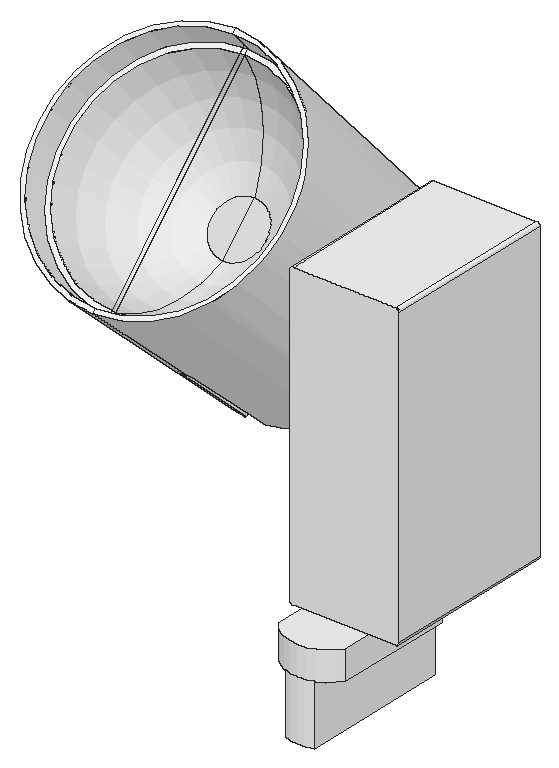
Revit family "0004930 Feilo Sylvania Lighting Fixture START TRACK SPOT L DALI 4405LM 930 WB WHT", category Lighting Fixtures, host Face, Revit 2017 (continued)
Definition of nested family "Start Track Spot Head"
  Types (96, lengths in mm): name | Wattage | built-in parameter 1150134 | Photometric Web File | Model | built-in parameter 1150105 | Lumens | built-in parameter 1150107 | built-in parameter 1150106 | HeadThickness_FEILO | HeadRibOffset_FEILO | HeadRibDepth_FEILO | HeadRibCutWidth_FEILO | HeadRibCutOffset_FEILO | HeadReflectorRadius_FEILO | HeadReflectorOffset_FEILO | HeadLEDRadius_FEILO | HeadHeight_FEILO | HeadDiffusorOffset_FEILO | HeadDiaOut_FEILO | HeadDiaIn_FEILO | HeadAxisFromTop_FEILO | Emit from Circle Diameter | built-in parameter 1150104 | Description | Apparent Load
    0004864 START TRACK SPOT S 24W 3K RA90 WB WHITE | 24 W | (empty or 0) | "0004864.ies" | "START TRACK SPOT S 24W 3K RA90 WB WHITE" | 152.79 (stored number, unit not read) | 1920 lm | 3000 (stored number, unit not read) | 1.5279 (stored number, unit not read) | 1.5 | 4.179 | 55.714 | 7.167 | 50.87 | 50.588 | 55.714 | 9.556 | 117 | 9.435 | 86 | 77.477 | 69.354 | 77.477 | 7.4322 (stored number, unit not read) | "Integrated LED spotlight, Textured White - RAL9016, compact and minimalist design, ideal for retail applications, die-cast aluminium body, passive cooling heatsink. Beam angle: 64°, color temperature: 3000K , total system power: 24W, total fixture output: 1928 lm, LOR: 100%, colour rendering: Ra: 90 typical, LED Chromaticity: 3 step MacAdam ellipse, lifetime: >50000 hours at L70B50, energy class: A++, A+, A, IR/UV free light source without heat radiation, operating voltage: 220-240V / 50-60Hz, drive current: 600mA, electronic driver, non-dimmable, power factor: 0.95, electrical protection: Class II, Global Track 3 Phase adapter suitable for Global trac 3-circuit tracks, ingress protection rating: IP20, suitable for internal environment only, horizontal rotation: 355°, vertical tilt: 90°, dimensions: Ø86x140x200, weight: 0.966kg." | 24 VA
    0004863 START TRACK SPOT S 24W 3K RA90 MB WHITE | 24 W | (empty or 0) | "0004863.ies" | "START TRACK SPOT S 24W 3K RA90 MB WHITE" | 154.7 (stored number, unit not read) | 1944 lm | 3000 (stored number, unit not read) | 1.547 (stored number, unit not read) | 1.5 | 4.179 | 55.714 | 7.167 | 50.87 | 50.588 | 55.714 | 9.556 | 117 | 9.435 | 86 | 77.477 | 69.354 | 77.477 | 7.5251 (stored number, unit not read) | "Integrated LED spotlight, Textured White - RAL9016, compact and minimalist design, ideal for retail applications, die-cast aluminium body, passive cooling heatsink. Beam angle: 36°, color temperature: 3000K , total system power: 24W, total fixture output: 1944 lm, LOR: 100%, colour rendering: Ra: 90 typical, LED Chromaticity: 3 step MacAdam ellipse, lifetime: >50000 hours at L70B50, energy class: A++, A+, A, IR/UV free light source without heat radiation, operating voltage: 220-240V / 50-60Hz, drive current: 600mA, electronic driver, non-dimmable, power factor: 0.95, electrical protection: Class II, Global Track 3 Phase adapter suitable for Global trac 3-circuit tracks, ingress protection rating: IP20, suitable for internal environment only, horizontal rotation: 355°, vertical tilt: 90°, dimensions: Ø86x140x200, weight: 0.966kg." | 24 VA
    0004862 START TRACK SPOT S 24W 3K RA90 NB WHITE | 24 W | (empty or 0) | "0004862.ies" | "START TRACK SPOT S 24W 3K RA90 NB WHITE" | 158.52 (stored number, unit not read) | 1992 lm | 3000 (stored number, unit not read) | 1.5852 (stored number, unit not read) | 1.5 | 4.179 | 55.714 | 7.167 | 50.87 | 50.588 | 55.714 | 9.556 | 117 | 9.435 | 86 | 77.477 | 69.354 | 77.477 | 7.711 (stored number, unit not read) | "Integrated LED spotlight, Textured White - RAL9016, compact and minimalist design, ideal for retail applications, die-cast aluminium body, passive cooling heatsink. Beam angle: 12°, color temperature: 3000K , total system power: 24W, total fixture output: 1987 lm, LOR: 100%, colour rendering: Ra: 90 typical, LED Chromaticity: 3 step MacAdam ellipse, lifetime: >50000 hours at L70B50, energy class: A++, A+, A, IR/UV free light source without heat radiation, operating voltage: 220-240V / 50-60Hz, drive current: 600mA, electronic driver, non-dimmable, power factor: 0.95, electrical protection: Class II, Global Track 3 Phase adapter suitable for Global trac 3-circuit tracks, ingress protection rating: IP20, suitable for internal environment only, horizontal rotation: 355°, vertical tilt: 90°, dimensions: Ø86x140x200, weight: 0.966kg." | 24 VA
    0004861 START TRACK SPOT S 14W 3K RA90 WB WHITE | 14 W | (empty or 0) | "0004861.ies" | "START TRACK SPOT S 14W 3K RA90 WB WHITE" | 100.27 (stored number, unit not read) | 1260 lm | 3000 (stored number, unit not read) | 1.0027 (stored number, unit not read) | 1.5 | 4.179 | 55.714 | 7.167 | 50.87 | 50.588 | 55.714 | 9.556 | 117 | 9.435 | 86 | 77.477 | 69.354 | 77.477 | 8.3613 (stored number, unit not read) | "Integrated LED spotlight, Textured White - RAL9016, compact and minimalist design, ideal for retail applications, die-cast aluminium body, passive cooling heatsink. Beam angle: 64°, color temperature: 3000K , total system power: 14W, total fixture output: 1262 lm, LOR: 100%, colour rendering: Ra: 90 typical, LED Chromaticity: 3 step MacAdam ellipse, lifetime: >50000 hours at L70B50, energy class: A++, A+, A, IR/UV free light source without heat radiation, operating voltage: 220-240V / 50-60Hz, drive current: 350mA, electronic driver, non-dimmable, power factor: 0.92, electrical protection: Class II, Global Track 3 Phase adapter suitable for Global trac 3-circuit tracks, ingress protection rating: IP20, suitable for internal environment only, horizontal rotation: 355°, vertical tilt: 90°, dimensions: Ø86x140x200, weight: 0.940kg." | 14 VA
    0004860 START TRACK SPOT S 14W 3K RA90 MB WHITE | 14 W | (empty or 0) | "0004860.ies" | "START TRACK SPOT S 14W 3K RA90 MB WHITE" | 100.27 (stored number, unit not read) | 1260 lm | 3000 (stored number, unit not read) | 1.0027 (stored number, unit not read) | 1.5 | 4.179 | 55.714 | 7.167 | 50.87 | 50.588 | 55.714 | 9.556 | 117 | 9.435 | 86 | 77.477 | 69.354 | 77.477 | 8.3613 (stored number, unit not read) | "Integrated LED spotlight, Textured White - RAL9016, compact and minimalist design, ideal for retail applications, die-cast aluminium body, passive cooling heatsink. Beam angle: 36°, color temperature: 3000K , total system power: 14W, total fixture output: 1262 lm, LOR: 100%, colour rendering: Ra: 90 typical, LED Chromaticity: 3 step MacAdam ellipse, lifetime: >50000 hours at L70B50, energy class: A++, A+, A, IR/UV free light source without heat radiation, operating voltage: 220-240V / 50-60Hz, drive current: 350mA, electronic driver, non-dimmable, power factor: 0.92, electrical protection: Class II, Global Track 3 Phase adapter suitable for Global trac 3-circuit tracks, ingress protection rating: IP20, suitable for internal environment only, horizontal rotation: 355°, vertical tilt: 90°, dimensions: Ø86x140x200, weight: 0.940kg." | 14 VA
    0004859 START TRACK SPOT S 14W 3K RA90 NB WHITE | 14 W | (empty or 0) | "0004859.ies" | "START TRACK SPOT S 14W 3K RA90 NB WHITE" | 102.5 (stored number, unit not read) | 1288 lm | 3000 (stored number, unit not read) | 1.025 (stored number, unit not read) | 1.5 | 4.179 | 55.714 | 7.167 | 50.87 | 50.588 | 55.714 | 9.556 | 117 | 9.435 | 86 | 77.477 | 69.354 | 77.477 | 8.5471 (stored number, unit not read) | "Integrated LED spotlight, Textured White - RAL9016, compact and minimalist design, ideal for retail applications, die-cast aluminium body, passive cooling heatsink. Beam angle: 12°, color temperature: 3000K , total system power: 14W, total fixture output: 1284 lm, LOR: 100%, colour rendering: Ra: 90 typical, LED Chromaticity: 3 step MacAdam ellipse, lifetime: >50000 hours at L70B50, energy class: A++, A+, A, IR/UV free light source without heat radiation, operating voltage: 220-240V / 50-60Hz, drive current: 350mA, electronic driver, non-dimmable, power factor: 0.92, electrical protection: Class II, Global Track 3 Phase adapter suitable for Global trac 3-circuit tracks, ingress protection rating: IP20, suitable for internal environment only, horizontal rotation: 355°, vertical tilt: 90°, dimensions: Ø86x140x200, weight: 0.940kg." | 14 VA
    0004858 START TRACK SPOT L 55W 4K RA80 WB BLACK | 55 W | 12 | "0004858.ies" | "START TRACK SPOT L 55W 4K RA80 WB BLACK" | 424.55 (stored number, unit not read) | 5335 lm | 4000 (stored number, unit not read) | 4.2455 (stored number, unit not read) | 2 | 4.429 | 59.048 | 9.417 | 53.913 | 66.471 | 59.048 | 12.556 | 124 | 10 | 113 | 101.802 | 73.503 | 101.802 | 9.0116 (stored number, unit not read) | "Integrated LED spotlight, Textured Black - RAL9005, compact and minimalist design, ideal for retail applications, die-cast aluminium body, passive cooling heatsink. Beam angle: 52°, color temperature: 4000K , total system power: 55W, total fixture output: 5320 lm, LOR: 100%, colour rendering: Ra: 80 typical, LED Chromaticity: 3 step MacAdam ellipse, lifetime: >50000 hours at L70B50, energy class: A++, A+, A, IR/UV free light source without heat radiation, operating voltage: 220-240V / 50-60Hz, drive current: 1400mA, electronic driver, non-dimmable, power factor: 0.96, electrical protection: Class II, Global Track 3 Phase adapter suitable for Global trac 3-circuit tracks, ingress protection rating: IP20, suitable for internal environment only, horizontal rotation: 355°, vertical tilt: 90°, dimensions: Ø113x164x240, weight: 1.398kg." | 55 VA
    0004857 START TRACK SPOT L 55W 4K RA80 MB BLACK | 55 W | 12 | "0004857.ies" | "START TRACK SPOT L 55W 4K RA80 MB BLACK" | 428.92 (stored number, unit not read) | 5390 lm | 4000 (stored number, unit not read) | 4.2892 (stored number, unit not read) | 2 | 4.429 | 59.048 | 9.417 | 53.913 | 66.471 | 59.048 | 12.556 | 124 | 10 | 113 | 101.802 | 73.503 | 101.802 | 9.1045 (stored number, unit not read) | "Integrated LED spotlight, Textured Black - RAL9005, compact and minimalist design, ideal for retail applications, die-cast aluminium body, passive cooling heatsink. Beam angle: 38°, color temperature: 4000K , total system power: 55W, total fixture output: 5378 lm, LOR: 100%, colour rendering: Ra: 80 typical, LED Chromaticity: 3 step MacAdam ellipse, lifetime: >50000 hours at L70B50, energy class: A++, A+, A, IR/UV free light source without heat radiation, operating voltage: 220-240V / 50-60Hz, drive current: 1400mA, electronic driver, non-dimmable, power factor: 0.96, electrical protection: Class II, Global Track 3 Phase adapter suitable for Global trac 3-circuit tracks, ingress protection rating: IP20, suitable for internal environment only, horizontal rotation: 355°, vertical tilt: 90°, dimensions: Ø113x164x240, weight: 1.398kg." | 55 VA
    0004856 START TRACK SPOT L 55W 4K RA80 NB BLACK | 55 W | 12 | "0004856.ies" | "START TRACK SPOT L 55W 4K RA80 NB BLACK" | 433.3 (stored number, unit not read) | 5445 lm | 4000 (stored number, unit not read) | 4.333 (stored number, unit not read) | 2 | 4.429 | 59.048 | 9.417 | 53.913 | 66.471 | 59.048 | 12.556 | 124 | 10 | 113 | 101.802 | 73.503 | 101.802 | 9.1974 (stored number, unit not read) | "Integrated LED spotlight, Textured Black - RAL9005, compact and minimalist design, ideal for retail applications, die-cast aluminium body, passive cooling heatsink. Beam angle: 15°, color temperature: 4000K , total system power: 55W, total fixture output: 5426 lm, LOR: 100%, colour rendering: Ra: 80 typical, LED Chromaticity: 3 step MacAdam ellipse, lifetime: >50000 hours at L70B50, energy class: A++, A+, A, IR/UV free light source without heat radiation, operating voltage: 220-240V / 50-60Hz, drive current: 1400mA, electronic driver, non-dimmable, power factor: 0.96, electrical protection: Class II, Global Track 3 Phase adapter suitable for Global trac 3-circuit tracks, ingress protection rating: IP20, suitable for internal environment only, horizontal rotation: 355°, vertical tilt: 90°, dimensions: Ø113x164x240, weight: 1.398kg." | 55 VA
    0004855 START TRACK SPOT L 35W 4K RA80 WB BLACK | 35 W | 12 | "0004855.ies" | "START TRACK SPOT L 35W 4K RA80 WB BLACK" | 320.3 (stored number, unit not read) | 4025 lm | 4000 (stored number, unit not read) | 3.203 (stored number, unit not read) | 2 | 4.429 | 59.048 | 9.417 | 53.913 | 66.471 | 59.048 | 12.556 | 124 | 10 | 113 | 101.802 | 73.503 | 101.802 | 10.684 (stored number, unit not read) | "Integrated LED spotlight, Textured Black - RAL9005, compact and minimalist design, ideal for retail applications, die-cast aluminium body, passive cooling heatsink. Beam angle: 52°, color temperature: 4000K , total system power: 35W, total fixture output: 4010 lm, LOR: 100%, colour rendering: Ra: 80 typical, LED Chromaticity: 3 step MacAdam ellipse, lifetime: >50000 hours at L70B50, energy class: A++, A+, A, IR/UV free light source without heat radiation, operating voltage: 220-240V / 50-60Hz, drive current: 900mA, electronic driver, non-dimmable, power factor: 0.93, electrical protection: Class II, Global Track 3 Phase adapter suitable for Global trac 3-circuit tracks, ingress protection rating: IP20, suitable for internal environment only, horizontal rotation: 355°, vertical tilt: 90°, dimensions: Ø113x164x240, weight: 1.368kg." | 35 VA
    0004854 START TRACK SPOT L 35W 4K RA80 MB BLACK | 35 W | 12 | "0004854.ies" | "START TRACK SPOT L 35W 4K RA80 MB BLACK" | 320.3 (stored number, unit not read) | 4025 lm | 4000 (stored number, unit not read) | 3.203 (stored number, unit not read) | 2 | 4.429 | 59.048 | 9.417 | 53.913 | 66.471 | 59.048 | 12.556 | 124 | 10 | 113 | 101.802 | 73.503 | 101.802 | 10.684 (stored number, unit not read) | "Integrated LED spotlight, Textured Black - RAL9005, compact and minimalist design, ideal for retail applications, die-cast aluminium body, passive cooling heatsink. Beam angle: 38°, color temperature: 4000K , total system power: 35W, total fixture output: 4017 lm, LOR: 100%, colour rendering: Ra: 80 typical, LED Chromaticity: 3 step MacAdam ellipse, lifetime: >50000 hours at L70B50, energy class: A++, A+, A, IR/UV free light source without heat radiation, operating voltage: 220-240V / 50-60Hz, drive current: 900mA, electronic driver, non-dimmable, power factor: 0.93, electrical protection: Class II, Global Track 3 Phase adapter suitable for Global trac 3-circuit tracks, ingress protection rating: IP20, suitable for internal environment only, horizontal rotation: 355°, vertical tilt: 90°, dimensions: Ø113x164x240, weight: 1.368kg." | 35 VA
    0004853 START TRACK SPOT L 35W 4K RA80 NB BLACK | 35 W | 12 | "0004853.ies" | "START TRACK SPOT L 35W 4K RA80 NB BLACK" | 331.44 (stored number, unit not read) | 4165 lm | 4000 (stored number, unit not read) | 3.3144 (stored number, unit not read) | 2 | 4.429 | 59.048 | 9.417 | 53.913 | 66.471 | 59.048 | 12.556 | 124 | 10 | 113 | 101.802 | 73.503 | 101.802 | 11.055 (stored number, unit not read) | "Integrated LED spotlight, Textured Black - RAL9005, compact and minimalist design, ideal for retail applications, die-cast aluminium body, passive cooling heatsink. Beam angle: 15°, color temperature: 4000K , total system power: 35W, total fixture output: 4174 lm, LOR: 100%, colour rendering: Ra: 80 typical, LED Chromaticity: 3 step MacAdam ellipse, lifetime: >50000 hours at L70B50, energy class: A++, A+, A, IR/UV free light source without heat radiation, operating voltage: 220-240V / 50-60Hz, drive current: 900mA, electronic driver, non-dimmable, power factor: 0.93, electrical protection: Class II, Global Track 3 Phase adapter suitable for Global trac 3-circuit tracks, ingress protection rating: IP20, suitable for internal environment only, horizontal rotation: 355°, vertical tilt: 90°, dimensions: Ø113x164x240, weight: 1.368kg." | 35 VA
    0004852 START TRACK SPOT S 24W 4K RA80 WB BLACK | 24 W | 12 | "0004852.ies" | "START TRACK SPOT S 24W 4K RA80 WB BLACK" | 196.72 (stored number, unit not read) | 2472 lm | 4000 (stored number, unit not read) | 1.9672 (stored number, unit not read) | 1.5 | 4.179 | 55.714 | 7.167 | 50.87 | 50.588 | 55.714 | 9.556 | 117 | 9.435 | 86 | 77.477 | 69.354 | 77.477 | 9.569 (stored number, unit not read) | "Integrated LED spotlight, Textured Black - RAL9005, compact and minimalist design, ideal for retail applications, die-cast aluminium body, passive cooling heatsink. Beam angle: 64°, color temperature: 4000K , total system power: 24W, total fixture output: 2476 lm, LOR: 100%, colour rendering: Ra: 80 typical, LED Chromaticity: 3 step MacAdam ellipse, lifetime: >50000 hours at L70B50, energy class: A++, A+, A, IR/UV free light source without heat radiation, operating voltage: 220-240V / 50-60Hz, drive current: 600mA, electronic driver, non-dimmable, power factor: 0.95, electrical protection: Class II, Global Track 3 Phase adapter suitable for Global trac 3-circuit tracks, ingress protection rating: IP20, suitable for internal environment only, horizontal rotation: 355°, vertical tilt: 90°, dimensions: Ø86x140x200, weight: 0.966kg." | 24 VA
    0004851 START TRACK SPOT S 24W 4K RA80 MB BLACK | 24 W | 12 | "0004851.ies" | "START TRACK SPOT S 24W 4K RA80 MB BLACK" | 198.63 (stored number, unit not read) | 2496 lm | 4000 (stored number, unit not read) | 1.9863 (stored number, unit not read) | 1.5 | 4.179 | 55.714 | 7.167 | 50.87 | 50.588 | 55.714 | 9.556 | 117 | 9.435 | 86 | 77.477 | 69.354 | 77.477 | 9.6619 (stored number, unit not read) | "Integrated LED spotlight, Textured Black - RAL9005, compact and minimalist design, ideal for retail applications, die-cast aluminium body, passive cooling heatsink. Beam angle: 36°, color temperature: 4000K , total system power: 24W, total fixture output: 2487 lm, LOR: 100%, colour rendering: Ra: 80 typical, LED Chromaticity: 3 step MacAdam ellipse, lifetime: >50000 hours at L70B50, energy class: A++, A+, A, IR/UV free light source without heat radiation, operating voltage: 220-240V / 50-60Hz, drive current: 600mA, electronic driver, non-dimmable, power factor: 0.95, electrical protection: Class II, Global Track 3 Phase adapter suitable for Global trac 3-circuit tracks, ingress protection rating: IP20, suitable for internal environment only, horizontal rotation: 355°, vertical tilt: 90°, dimensions: Ø86x140x200, weight: 0.966kg." | 24 VA
    0004850 START TRACK SPOT S 24W 4K RA80 NB BLACK | 24 W | 12 | "0004850.ies" | "START TRACK SPOT S 24W 4K RA80 NB BLACK" | 200.54 (stored number, unit not read) | 2520 lm | 4000 (stored number, unit not read) | 2.0054 (stored number, unit not read) | 1.5 | 4.179 | 55.714 | 7.167 | 50.87 | 50.588 | 55.714 | 9.556 | 117 | 9.435 | 86 | 77.477 | 69.354 | 77.477 | 9.7548 (stored number, unit not read) | "Integrated LED spotlight, Textured Black - RAL9005, compact and minimalist design, ideal for retail applications, die-cast aluminium body, passive cooling heatsink. Beam angle: 12°, color temperature: 4000K , total system power: 24W, total fixture output: 2529 lm, LOR: 100%, colour rendering: Ra: 80 typical, LED Chromaticity: 3 step MacAdam ellipse, lifetime: >50000 hours at L70B50, energy class: A++, A+, A, IR/UV free light source without heat radiation, operating voltage: 220-240V / 50-60Hz, drive current: 600mA, electronic driver, non-dimmable, power factor: 0.95, electrical protection: Class II, Global Track 3 Phase adapter suitable for Global trac 3-circuit tracks, ingress protection rating: IP20, suitable for internal environment only, horizontal rotation: 355°, vertical tilt: 90°, dimensions: Ø86x140x200, weight: 0.966kg." | 24 VA
    0004849 START TRACK SPOT S 14W 4K RA80 WB BLACK | 14 W | 12 | "0004849.ies" | "START TRACK SPOT S 14W 4K RA80 WB BLACK" | 123.66 (stored number, unit not read) | 1554 lm | 4000 (stored number, unit not read) | 1.2366 (stored number, unit not read) | 1.5 | 4.179 | 55.714 | 7.167 | 50.87 | 50.588 | 55.714 | 9.556 | 117 | 9.435 | 86 | 77.477 | 69.354 | 77.477 | 10.312 (stored number, unit not read) | "Integrated LED spotlight, Textured Black - RAL9005, compact and minimalist design, ideal for retail applications, die-cast aluminium body, passive cooling heatsink. Beam angle: 64°, color temperature: 4000K , total system power: 14W, total fixture output: 1558 lm, LOR: 100%, colour rendering: Ra: 80 typical, LED Chromaticity: 3 step MacAdam ellipse, lifetime: >50000 hours at L70B50, energy class: A++, A+, A, IR/UV free light source without heat radiation, operating voltage: 220-240V / 50-60Hz, drive current: 350mA, electronic driver, non-dimmable, power factor: 0.92, electrical protection: Class II, Global Track 3 Phase adapter suitable for Global trac 3-circuit tracks, ingress protection rating: IP20, suitable for internal environment only, horizontal rotation: 355°, vertical tilt: 90°, dimensions: Ø86x140x200, weight: 0.940kg." | 14 VA
    0004848 START TRACK SPOT S 14W 4K RA80 MB BLACK | 14 W | 12 | "0004848.ies" | "START TRACK SPOT S 14W 4K RA80 MB BLACK" | 127.01 (stored number, unit not read) | 1596 lm | 4000 (stored number, unit not read) | 1.2701 (stored number, unit not read) | 1.5 | 4.179 | 55.714 | 7.167 | 50.87 | 50.588 | 55.714 | 9.556 | 117 | 9.435 | 86 | 77.477 | 69.354 | 77.477 | 10.591 (stored number, unit not read) | "Integrated LED spotlight, Textured Black - RAL9005, compact and minimalist design, ideal for retail applications, die-cast aluminium body, passive cooling heatsink. Beam angle: 36°, color temperature: 4000K , total system power: 14W, total fixture output: 1598 lm, LOR: 100%, colour rendering: Ra: 80 typical, LED Chromaticity: 3 step MacAdam ellipse, lifetime: >50000 hours at L70B50, energy class: A++, A+, A, IR/UV free light source without heat radiation, operating voltage: 220-240V / 50-60Hz, drive current: 350mA, electronic driver, non-dimmable, power factor: 0.92, electrical protection: Class II, Global Track 3 Phase adapter suitable for Global trac 3-circuit tracks, ingress protection rating: IP20, suitable for internal environment only, horizontal rotation: 355°, vertical tilt: 90°, dimensions: Ø86x140x200, weight: 0.940kg." | 14 VA
    0004847 START TRACK SPOT S 14W 4K RA80 NB BLACK | 14 W | 12 | "0004847.ies" | "START TRACK SPOT S 14W 4K RA80 NB BLACK" | 128.12 (stored number, unit not read) | 1610 lm | 4000 (stored number, unit not read) | 1.2812 (stored number, unit not read) | 1.5 | 4.179 | 55.714 | 7.167 | 50.87 | 50.588 | 55.714 | 9.556 | 117 | 9.435 | 86 | 77.477 | 69.354 | 77.477 | 10.684 (stored number, unit not read) | "Integrated LED spotlight, Textured Black - RAL9005, compact and minimalist design, ideal for retail applications, die-cast aluminium body, passive cooling heatsink. Beam angle: 12°, color temperature: 4000K , total system power: 14W, total fixture output: 1608 lm, LOR: 100%, colour rendering: Ra: 80 typical, LED Chromaticity: 3 step MacAdam ellipse, lifetime: >50000 hours at L70B50, energy class: A++, A+, A, IR/UV free light source without heat radiation, operating voltage: 220-240V / 50-60Hz, drive current: 350mA, electronic driver, non-dimmable, power factor: 0.92, electrical protection: Class II, Global Track 3 Phase adapter suitable for Global trac 3-circuit tracks, ingress protection rating: IP20, suitable for internal environment only, horizontal rotation: 355°, vertical tilt: 90°, dimensions: Ø86x140x200, weight: 0.940kg." | 14 VA
    0004846 START TRACK SPOT L 55W 3K RA80 WB BLACK | 55 W | (empty or 0) | "0004846.ies" | "START TRACK SPOT L 55W 3K RA80 WB BLACK" | 420.17 (stored number, unit not read) | 5280 lm | 3000 (stored number, unit not read) | 4.2017 (stored number, unit not read) | 2 | 4.429 | 59.048 | 9.417 | 53.913 | 66.471 | 59.048 | 12.556 | 124 | 10 | 113 | 101.802 | 73.503 | 101.802 | 8.9187 (stored number, unit not read) | "Integrated LED spotlight, Textured Black - RAL9005, compact and minimalist design, ideal for retail applications, die-cast aluminium body, passive cooling heatsink. Beam angle: 52°, color temperature: 3000K , total system power: 55W, total fixture output: 5298 lm, LOR: 100%, colour rendering: Ra: 80 typical, LED Chromaticity: 3 step MacAdam ellipse, lifetime: >50000 hours at L70B50, energy class: A++, A+, A, IR/UV free light source without heat radiation, operating voltage: 220-240V / 50-60Hz, drive current: 1400mA, electronic driver, non-dimmable, power factor: 0.96, electrical protection: Class II, Global Track 3 Phase adapter suitable for Global trac 3-circuit tracks, ingress protection rating: IP20, suitable for internal environment only, horizontal rotation: 355°, vertical tilt: 90°, dimensions: Ø113x164x240, weight: 1.398kg." | 55 VA
    0004845 START TRACK SPOT L 55W 3K RA80 MB BLACK | 55 W | (empty or 0) | "0004845.ies" | "START TRACK SPOT L 55W 3K RA80 MB BLACK" | 428.92 (stored number, unit not read) | 5390 lm | 3000 (stored number, unit not read) | 4.2892 (stored number, unit not read) | 2 | 4.429 | 59.048 | 9.417 | 53.913 | 66.471 | 59.048 | 12.556 | 124 | 10 | 113 | 101.802 | 73.503 | 101.802 | 9.1045 (stored number, unit not read) | "Integrated LED spotlight, Textured Black - RAL9005, compact and minimalist design, ideal for retail applications, die-cast aluminium body, passive cooling heatsink. Beam angle: 38°, color temperature: 3000K , total system power: 55W, total fixture output: 5381 lm, LOR: 100%, colour rendering: Ra: 80 typical, LED Chromaticity: 3 step MacAdam ellipse, lifetime: >50000 hours at L70B50, energy class: A++, A+, A, IR/UV free light source without heat radiation, operating voltage: 220-240V / 50-60Hz, drive current: 1400mA, electronic driver, non-dimmable, power factor: 0.96, electrical protection: Class II, Global Track 3 Phase adapter suitable for Global trac 3-circuit tracks, ingress protection rating: IP20, suitable for internal environment only, horizontal rotation: 355°, vertical tilt: 90°, dimensions: Ø113x164x240, weight: 1.398kg." | 55 VA
    0004844 START TRACK SPOT L 55W 3K RA80 NB BLACK | 55 W | (empty or 0) | "0004844.ies" | "START TRACK SPOT L 55W 3K RA80 NB BLACK" | 433.3 (stored number, unit not read) | 5445 lm | 3000 (stored number, unit not read) | 4.333 (stored number, unit not read) | 2 | 4.429 | 59.048 | 9.417 | 53.913 | 66.471 | 59.048 | 12.556 | 124 | 10 | 113 | 101.802 | 73.503 | 101.802 | 9.1974 (stored number, unit not read) | "Integrated LED spotlight, Textured Black - RAL9005, compact and minimalist design, ideal for retail applications, die-cast aluminium body, passive cooling heatsink. Beam angle: 15°, color temperature: 3000K , total system power: 55W, total fixture output: 5449 lm, LOR: 100%, colour rendering: Ra: 80 typical, LED Chromaticity: 3 step MacAdam ellipse, lifetime: >50000 hours at L70B50, energy class: A++, A+, A, IR/UV free light source without heat radiation, operating voltage: 220-240V / 50-60Hz, drive current: 1400mA, electronic driver, non-dimmable, power factor: 0.96, electrical protection: Class II, Global Track 3 Phase adapter suitable for Global trac 3-circuit tracks, ingress protection rating: IP20, suitable for internal environment only, horizontal rotation: 355°, vertical tilt: 90°, dimensions: Ø113x164x240, weight: 1.398kg." | 55 VA
    0004843 START TRACK SPOT L 35W 3K RA80 WB BLACK | 35 W | (empty or 0) | "0004843.ies" | "START TRACK SPOT L 35W 3K RA80 WB BLACK" | 314.73 (stored number, unit not read) | 3955 lm | 3000 (stored number, unit not read) | 3.1473 (stored number, unit not read) | 2 | 4.429 | 59.048 | 9.417 | 53.913 | 66.471 | 59.048 | 12.556 | 124 | 10 | 113 | 101.802 | 73.503 | 101.802 | 10.498 (stored number, unit not read) | "Integrated LED spotlight, Textured Black - RAL9005, compact and minimalist design, ideal for retail applications, die-cast aluminium body, passive cooling heatsink. Beam angle: 52°, color temperature: 3000K , total system power: 35W, total fixture output: 3943 lm, LOR: 100%, colour rendering: Ra: 80 typical, LED Chromaticity: 3 step MacAdam ellipse, lifetime: >50000 hours at L70B50, energy class: A++, A+, A, IR/UV free light source without heat radiation, operating voltage: 220-240V / 50-60Hz, drive current: 900mA, electronic driver, non-dimmable, power factor: 0.93, electrical protection: Class II, Global Track 3 Phase adapter suitable for Global trac 3-circuit tracks, ingress protection rating: IP20, suitable for internal environment only, horizontal rotation: 355°, vertical tilt: 90°, dimensions: Ø113x164x240, weight: 1.368kg." | 35 VA
    0004842 START TRACK SPOT L 35W 3K RA80 MB BLACK | 35 W | (empty or 0) | "0004842.ies" | "START TRACK SPOT L 35W 3K RA80 MB BLACK" | 320.3 (stored number, unit not read) | 4025 lm | 3000 (stored number, unit not read) | 3.203 (stored number, unit not read) | 2 | 4.429 | 59.048 | 9.417 | 53.913 | 66.471 | 59.048 | 12.556 | 124 | 10 | 113 | 101.802 | 73.503 | 101.802 | 10.684 (stored number, unit not read) | "Integrated LED spotlight, Textured Black - RAL9005, compact and minimalist design, ideal for retail applications, die-cast aluminium body, passive cooling heatsink. Beam angle: 38°, color temperature: 3000K , total system power: 35W, total fixture output: 4008 lm, LOR: 100%, colour rendering: Ra: 80 typical, LED Chromaticity: 3 step MacAdam ellipse, lifetime: >50000 hours at L70B50, energy class: A++, A+, A, IR/UV free light source without heat radiation, operating voltage: 220-240V / 50-60Hz, drive current: 900mA, electronic driver, non-dimmable, power factor: 0.93, electrical protection: Class II, Global Track 3 Phase adapter suitable for Global trac 3-circuit tracks, ingress protection rating: IP20, suitable for internal environment only, horizontal rotation: 355°, vertical tilt: 90°, dimensions: Ø113x164x240, weight: 1.368kg." | 35 VA
    0004841 START TRACK SPOT L 35W 3K RA80 NB BLACK | 35 W | (empty or 0) | "0004841.ies" | "START TRACK SPOT L 35W 3K RA80 NB BLACK" | 317.51 (stored number, unit not read) | 3990 lm | 3000 (stored number, unit not read) | 3.1751 (stored number, unit not read) | 2 | 4.429 | 59.048 | 9.417 | 53.913 | 66.471 | 59.048 | 12.556 | 124 | 10 | 113 | 101.802 | 73.503 | 101.802 | 10.591 (stored number, unit not read) | "Integrated LED spotlight, Textured Black - RAL9005, compact and minimalist design, ideal for retail applications, die-cast aluminium body, passive cooling heatsink. Beam angle: 15°, color temperature: 3000K , total system power: 35W, total fixture output: 4005 lm, LOR: 100%, colour rendering: Ra: 80 typical, LED Chromaticity: 3 step MacAdam ellipse, lifetime: >50000 hours at L70B50, energy class: A++, A+, A, IR/UV free light source without heat radiation, operating voltage: 220-240V / 50-60Hz, drive current: 900mA, electronic driver, non-dimmable, power factor: 0.93, electrical protection: Class II, Global Track 3 Phase adapter suitable for Global trac 3-circuit tracks, ingress protection rating: IP20, suitable for internal environment only, horizontal rotation: 355°, vertical tilt: 90°, dimensions: Ø113x164x240, weight: 1.368kg." | 35 VA
    0004840 START TRACK SPOT S 24W 3K RA80 WB BLACK | 24 W | (empty or 0) | "0004840.ies" | "START TRACK SPOT S 24W 3K RA80 WB BLACK" | 185.26 (stored number, unit not read) | 2328 lm | 3000 (stored number, unit not read) | 1.8526 (stored number, unit not read) | 1.5 | 4.179 | 55.714 | 7.167 | 50.87 | 50.588 | 55.714 | 9.556 | 117 | 9.435 | 86 | 77.477 | 69.354 | 77.477 | 9.0116 (stored number, unit not read) | "Integrated LED spotlight, Textured Black - RAL9005, compact and minimalist design, ideal for retail applications, die-cast aluminium body, passive cooling heatsink. Beam angle: 64°, color temperature: 3000K , total system power: 24W, total fixture output: 2318 lm, LOR: 100%, colour rendering: Ra: 80 typical, LED Chromaticity: 3 step MacAdam ellipse, lifetime: >50000 hours at L70B50, energy class: A++, A+, A, IR/UV free light source without heat radiation, operating voltage: 220-240V / 50-60Hz, drive current: 600mA, electronic driver, non-dimmable, power factor: 0.95, electrical protection: Class II, Global Track 3 Phase adapter suitable for Global trac 3-circuit tracks, ingress protection rating: IP20, suitable for internal environment only, horizontal rotation: 355°, vertical tilt: 90°, dimensions: Ø86x140x200, weight: 0.966kg." | 24 VA
    0004839 START TRACK SPOT S 24W 3K RA80 MB BLACK | 24 W | (empty or 0) | "0004839.ies" | "START TRACK SPOT S 24W 3K RA80 MB BLACK" | 183.35 (stored number, unit not read) | 2304 lm | 3000 (stored number, unit not read) | 1.8335 (stored number, unit not read) | 1.5 | 4.179 | 55.714 | 7.167 | 50.87 | 50.588 | 55.714 | 9.556 | 117 | 9.435 | 86 | 77.477 | 69.354 | 77.477 | 8.9187 (stored number, unit not read) | "Integrated LED spotlight, Textured Black - RAL9005, compact and minimalist design, ideal for retail applications, die-cast aluminium body, passive cooling heatsink. Beam angle: 36°, color temperature: 3000K , total system power: 24W, total fixture output: 2314 lm, LOR: 100%, colour rendering: Ra: 80 typical, LED Chromaticity: 3 step MacAdam ellipse, lifetime: >50000 hours at L70B50, energy class: A++, A+, A, IR/UV free light source without heat radiation, operating voltage: 220-240V / 50-60Hz, drive current: 600mA, electronic driver, non-dimmable, power factor: 0.95, electrical protection: Class II, Global Track 3 Phase adapter suitable for Global trac 3-circuit tracks, ingress protection rating: IP20, suitable for internal environment only, horizontal rotation: 355°, vertical tilt: 90°, dimensions: Ø86x140x200, weight: 0.966kg." | 24 VA
    0004838 START TRACK SPOT S 24W 3K RA80 NB BLACK | 24 W | (empty or 0) | "0004838.ies" | "START TRACK SPOT S 24W 3K RA80 NB BLACK" | 185.26 (stored number, unit not read) | 2328 lm | 3000 (stored number, unit not read) | 1.8526 (stored number, unit not read) | 1.5 | 4.179 | 55.714 | 7.167 | 50.87 | 50.588 | 55.714 | 9.556 | 117 | 9.435 | 86 | 77.477 | 69.354 | 77.477 | 9.0116 (stored number, unit not read) | "Integrated LED spotlight, Textured Black - RAL9005, compact and minimalist design, ideal for retail applications, die-cast aluminium body, passive cooling heatsink. Beam angle: 12°, color temperature: 3000K , total system power: 24W, total fixture output: 2334 lm, LOR: 100%, colour rendering: Ra: 80 typical, LED Chromaticity: 3 step MacAdam ellipse, lifetime: >50000 hours at L70B50, energy class: A++, A+, A, IR/UV free light source without heat radiation, operating voltage: 220-240V / 50-60Hz, drive current: 600mA, electronic driver, non-dimmable, power factor: 0.95, electrical protection: Class II, Global Track 3 Phase adapter suitable for Global trac 3-circuit tracks, ingress protection rating: IP20, suitable for internal environment only, horizontal rotation: 355°, vertical tilt: 90°, dimensions: Ø86x140x200, weight: 0.966kg." | 24 VA
    0004837 START TRACK SPOT S 14W 3K RA80 WB BLACK | 14 W | (empty or 0) | "0004837.ies" | "START TRACK SPOT S 14W 3K RA80 WB BLACK" | 119.21 (stored number, unit not read) | 1498 lm | 3000 (stored number, unit not read) | 1.1921 (stored number, unit not read) | 1.5 | 4.179 | 55.714 | 7.167 | 50.87 | 50.588 | 55.714 | 9.556 | 117 | 9.435 | 86 | 77.477 | 69.354 | 77.477 | 9.9406 (stored number, unit not read) | "Integrated LED spotlight, Textured Black - RAL9005, compact and minimalist design, ideal for retail applications, die-cast aluminium body, passive cooling heatsink. Beam angle: 64°, color temperature: 3000K , total system power: 14W, total fixture output: 1498 lm, LOR: 100%, colour rendering: Ra: 80 typical, LED Chromaticity: 3 step MacAdam ellipse, lifetime: >50000 hours at L70B50, energy class: A++, A+, A, IR/UV free light source without heat radiation, operating voltage: 220-240V / 50-60Hz, drive current: 350mA, electronic driver, non-dimmable, power factor: 0.92, electrical protection: Class II, Global Track 3 Phase adapter suitable for Global trac 3-circuit tracks, ingress protection rating: IP20, suitable for internal environment only, horizontal rotation: 355°, vertical tilt: 90°, dimensions: Ø86x140x200, weight: 0.940kg." | 14 VA
    0004836 START TRACK SPOT S 14W 3K RA80 MB BLACK | 14 W | (empty or 0) | "0004836.ies" | "START TRACK SPOT S 14W 3K RA80 MB BLACK" | 120.32 (stored number, unit not read) | 1512 lm | 3000 (stored number, unit not read) | 1.2032 (stored number, unit not read) | 1.5 | 4.179 | 55.714 | 7.167 | 50.87 | 50.588 | 55.714 | 9.556 | 117 | 9.435 | 86 | 77.477 | 69.354 | 77.477 | 10.034 (stored number, unit not read) | "Integrated LED spotlight, Textured Black - RAL9005, compact and minimalist design, ideal for retail applications, die-cast aluminium body, passive cooling heatsink. Beam angle: 36°, color temperature: 3000K , total system power: 14W, total fixture output: 1508 lm, LOR: 100%, colour rendering: Ra: 80 typical, LED Chromaticity: 3 step MacAdam ellipse, lifetime: >50000 hours at L70B50, energy class: A++, A+, A, IR/UV free light source without heat radiation, operating voltage: 220-240V / 50-60Hz, drive current: 350mA, electronic driver, non-dimmable, power factor: 0.92, electrical protection: Class II, Global Track 3 Phase adapter suitable for Global trac 3-circuit tracks, ingress protection rating: IP20, suitable for internal environment only, horizontal rotation: 355°, vertical tilt: 90°, dimensions: Ø86x140x200, weight: 0.940kg." | 14 VA
    0004835 START TRACK SPOT S 14W 3K RA80 NB BLACK | 14 W | (empty or 0) | "0004835.ies" | "START TRACK SPOT S 14W 3K RA80 NB BLACK" | 123.66 (stored number, unit not read) | 1554 lm | 3000 (stored number, unit not read) | 1.2366 (stored number, unit not read) | 1.5 | 4.179 | 55.714 | 7.167 | 50.87 | 50.588 | 55.714 | 9.556 | 117 | 9.435 | 86 | 77.477 | 69.354 | 77.477 | 10.312 (stored number, unit not read) | "Integrated LED spotlight, Textured Black - RAL9005, compact and minimalist design, ideal for retail applications, die-cast aluminium body, passive cooling heatsink. Beam angle: 12°, color temperature: 3000K , total system power: 14W, total fixture output: 1551 lm, LOR: 100%, colour rendering: Ra: 80 typical, LED Chromaticity: 3 step MacAdam ellipse, lifetime: >50000 hours at L70B50, energy class: A++, A+, A, IR/UV free light source without heat radiation, operating voltage: 220-240V / 50-60Hz, drive current: 350mA, electronic driver, non-dimmable, power factor: 0.92, electrical protection: Class II, Global Track 3 Phase adapter suitable for Global trac 3-circuit tracks, ingress protection rating: IP20, suitable for internal environment only, horizontal rotation: 355°, vertical tilt: 90°, dimensions: Ø86x140x200, weight: 0.940kg." | 14 VA
    0004834 START TRACK SPOT L 55W 4K RA80 WB WHITE | 55 W | 12 | "0004834.ies" | "START TRACK SPOT L 55W 4K RA80 WB WHITE" | 424.55 (stored number, unit not read) | 5335 lm | 4000 (stored number, unit not read) | 4.2455 (stored number, unit not read) | 2 | 4.429 | 59.048 | 9.417 | 53.913 | 66.471 | 59.048 | 12.556 | 124 | 10 | 113 | 101.802 | 73.503 | 101.802 | 9.0116 (stored number, unit not read) | "Integrated LED spotlight, Textured White - RAL9016, compact and minimalist design, ideal for retail applications, die-cast aluminium body, passive cooling heatsink. Beam angle: 52°, color temperature: 4000K , total system power: 55W, total fixture output: 5320 lm, LOR: 100%, colour rendering: Ra: 80 typical, LED Chromaticity: 3 step MacAdam ellipse, lifetime: >50000 hours at L70B50, energy class: A++, A+, A, IR/UV free light source without heat radiation, operating voltage: 220-240V / 50-60Hz, drive current: 1400mA, electronic driver, non-dimmable, power factor: 0.96, electrical protection: Class II, Global Track 3 Phase adapter suitable for Global trac 3-circuit tracks, ingress protection rating: IP20, suitable for internal environment only, horizontal rotation: 355°, vertical tilt: 90°, dimensions: Ø113x164x240, weight: 1.398kg." | 55 VA
    0004833 START TRACK SPOT L 55W 4K RA80 MB WHITE | 55 W | 12 | "0004833.ies" | "START TRACK SPOT L 55W 4K RA80 MB WHITE" | 428.92 (stored number, unit not read) | 5390 lm | 4000 (stored number, unit not read) | 4.2892 (stored number, unit not read) | 2 | 4.429 | 59.048 | 9.417 | 53.913 | 66.471 | 59.048 | 12.556 | 124 | 10 | 113 | 101.802 | 73.503 | 101.802 | 9.1045 (stored number, unit not read) | "Integrated LED spotlight, Textured White - RAL9016, compact and minimalist design, ideal for retail applications, die-cast aluminium body, passive cooling heatsink. Beam angle: 38°, color temperature: 4000K , total system power: 55W, total fixture output: 5378 lm, LOR: 100%, colour rendering: Ra: 80 typical, LED Chromaticity: 3 step MacAdam ellipse, lifetime: >50000 hours at L70B50, energy class: A++, A+, A, IR/UV free light source without heat radiation, operating voltage: 220-240V / 50-60Hz, drive current: 1400mA, electronic driver, non-dimmable, power factor: 0.96, electrical protection: Class II, Global Track 3 Phase adapter suitable for Global trac 3-circuit tracks, ingress protection rating: IP20, suitable for internal environment only, horizontal rotation: 355°, vertical tilt: 90°, dimensions: Ø113x164x240, weight: 1.398kg." | 55 VA
    0004832 START TRACK SPOT L 55W 4K RA80 NB WHITE | 55 W | 12 | "0004832.ies" | "START TRACK SPOT L 55W 4K RA80 NB WHITE" | 433.3 (stored number, unit not read) | 5445 lm | 4000 (stored number, unit not read) | 4.333 (stored number, unit not read) | 2 | 4.429 | 59.048 | 9.417 | 53.913 | 66.471 | 59.048 | 12.556 | 124 | 10 | 113 | 101.802 | 73.503 | 101.802 | 9.1974 (stored number, unit not read) | "Integrated LED spotlight, Textured White - RAL9016, compact and minimalist design, ideal for retail applications, die-cast aluminium body, passive cooling heatsink. Beam angle: 15°, color temperature: 4000K , total system power: 55W, total fixture output: 5426 lm, LOR: 100%, colour rendering: Ra: 80 typical, LED Chromaticity: 3 step MacAdam ellipse, lifetime: >50000 hours at L70B50, energy class: A++, A+, A, IR/UV free light source without heat radiation, operating voltage: 220-240V / 50-60Hz, drive current: 1400mA, electronic driver, non-dimmable, power factor: 0.96, electrical protection: Class II, Global Track 3 Phase adapter suitable for Global trac 3-circuit tracks, ingress protection rating: IP20, suitable for internal environment only, horizontal rotation: 355°, vertical tilt: 90°, dimensions: Ø113x164x240, weight: 1.398kg." | 55 VA
    0004831 START TRACK SPOT L 35W 4K RA80 WB WHITE | 35 W | 12 | "0004831.ies" | "START TRACK SPOT L 35W 4K RA80 WB WHITE" | 320.3 (stored number, unit not read) | 4025 lm | 4000 (stored number, unit not read) | 3.203 (stored number, unit not read) | 2 | 4.429 | 59.048 | 9.417 | 53.913 | 66.471 | 59.048 | 12.556 | 124 | 10 | 113 | 101.802 | 73.503 | 101.802 | 10.684 (stored number, unit not read) | "Integrated LED spotlight, Textured White - RAL9016, compact and minimalist design, ideal for retail applications, die-cast aluminium body, passive cooling heatsink. Beam angle: 52°, color temperature: 4000K , total system power: 35W, total fixture output: 4010 lm, LOR: 100%, colour rendering: Ra: 80 typical, LED Chromaticity: 3 step MacAdam ellipse, lifetime: >50000 hours at L70B50, energy class: A++, A+, A, IR/UV free light source without heat radiation, operating voltage: 220-240V / 50-60Hz, drive current: 900mA, electronic driver, non-dimmable, power factor: 0.93, electrical protection: Class II, Global Track 3 Phase adapter suitable for Global trac 3-circuit tracks, ingress protection rating: IP20, suitable for internal environment only, horizontal rotation: 355°, vertical tilt: 90°, dimensions: Ø113x164x240, weight: 1.368kg." | 35 VA
    0004830 START TRACK SPOT L 35W 4K RA80 MB WHITE | 35 W | 12 | "0004830.ies" | "START TRACK SPOT L 35W 4K RA80 MB WHITE" | 320.3 (stored number, unit not read) | 4025 lm | 4000 (stored number, unit not read) | 3.203 (stored number, unit not read) | 2 | 4.429 | 59.048 | 9.417 | 53.913 | 66.471 | 59.048 | 12.556 | 124 | 10 | 113 | 101.802 | 73.503 | 101.802 | 10.684 (stored number, unit not read) | "Integrated LED spotlight, Textured White - RAL9016, compact and minimalist design, ideal for retail applications, die-cast aluminium body, passive cooling heatsink. Beam angle: 38°, color temperature: 4000K , total system power: 35W, total fixture output: 4017 lm, LOR: 100%, colour rendering: Ra: 80 typical, LED Chromaticity: 3 step MacAdam ellipse, lifetime: >50000 hours at L70B50, energy class: A++, A+, A, IR/UV free light source without heat radiation, operating voltage: 220-240V / 50-60Hz, drive current: 900mA, electronic driver, non-dimmable, power factor: 0.93, electrical protection: Class II, Global Track 3 Phase adapter suitable for Global trac 3-circuit tracks, ingress protection rating: IP20, suitable for internal environment only, horizontal rotation: 355°, vertical tilt: 90°, dimensions: Ø113x164x240, weight: 1.368kg." | 35 VA
    0004829 START TRACK SPOT L 35W 4K RA80 NB WHITE | 35 W | 12 | "0004829.ies" | "START TRACK SPOT L 35W 4K RA80 NB WHITE" | 331.44 (stored number, unit not read) | 4165 lm | 4000 (stored number, unit not read) | 3.3144 (stored number, unit not read) | 2 | 4.429 | 59.048 | 9.417 | 53.913 | 66.471 | 59.048 | 12.556 | 124 | 10 | 113 | 101.802 | 73.503 | 101.802 | 11.055 (stored number, unit not read) | "Integrated LED spotlight, Textured White - RAL9016, compact and minimalist design, ideal for retail applications, die-cast aluminium body, passive cooling heatsink. Beam angle: 15°, color temperature: 4000K , total system power: 35W, total fixture output: 4174 lm, LOR: 100%, colour rendering: Ra: 80 typical, LED Chromaticity: 3 step MacAdam ellipse, lifetime: >50000 hours at L70B50, energy class: A++, A+, A, IR/UV free light source without heat radiation, operating voltage: 220-240V / 50-60Hz, drive current: 900mA, electronic driver, non-dimmable, power factor: 0.93, electrical protection: Class II, Global Track 3 Phase adapter suitable for Global trac 3-circuit tracks, ingress protection rating: IP20, suitable for internal environment only, horizontal rotation: 355°, vertical tilt: 90°, dimensions: Ø113x164x240, weight: 1.368kg." | 35 VA
    0004828 START TRACK SPOT S 24W 4K RA80 WB WHITE | 24 W | 12 | "0004828.ies" | "START TRACK SPOT S 24W 4K RA80 WB WHITE" | 196.72 (stored number, unit not read) | 2472 lm | 4000 (stored number, unit not read) | 1.9672 (stored number, unit not read) | 1.5 | 4.179 | 55.714 | 7.167 | 50.87 | 50.588 | 55.714 | 9.556 | 117 | 9.435 | 86 | 77.477 | 69.354 | 77.477 | 9.569 (stored number, unit not read) | "Integrated LED spotlight, Textured White - RAL9016, compact and minimalist design, ideal for retail applications, die-cast aluminium body, passive cooling heatsink. Beam angle: 64°, color temperature: 4000K , total system power: 24W, total fixture output: 2476 lm, LOR: 100%, colour rendering: Ra: 80 typical, LED Chromaticity: 3 step MacAdam ellipse, lifetime: >50000 hours at L70B50, energy class: A++, A+, A, IR/UV free light source without heat radiation, operating voltage: 220-240V / 50-60Hz, drive current: 600mA, electronic driver, non-dimmable, power factor: 0.95, electrical protection: Class II, Global Track 3 Phase adapter suitable for Global trac 3-circuit tracks, ingress protection rating: IP20, suitable for internal environment only, horizontal rotation: 355°, vertical tilt: 90°, dimensions: Ø86x140x200, weight: 0.966kg." | 24 VA
    0004827 START TRACK SPOT S 24W 4K RA80 MB WHITE | 24 W | 12 | "0004827.ies" | "START TRACK SPOT S 24W 4K RA80 MB WHITE" | 198.63 (stored number, unit not read) | 2496 lm | 4000 (stored number, unit not read) | 1.9863 (stored number, unit not read) | 1.5 | 4.179 | 55.714 | 7.167 | 50.87 | 50.588 | 55.714 | 9.556 | 117 | 9.435 | 86 | 77.477 | 69.354 | 77.477 | 9.6619 (stored number, unit not read) | "Integrated LED spotlight, Textured White - RAL9016, compact and minimalist design, ideal for retail applications, die-cast aluminium body, passive cooling heatsink. Beam angle: 36°, color temperature: 4000K , total system power: 24W, total fixture output: 2487 lm, LOR: 100%, colour rendering: Ra: 80 typical, LED Chromaticity: 3 step MacAdam ellipse, lifetime: >50000 hours at L70B50, energy class: A++, A+, A, IR/UV free light source without heat radiation, operating voltage: 220-240V / 50-60Hz, drive current: 600mA, electronic driver, non-dimmable, power factor: 0.95, electrical protection: Class II, Global Track 3 Phase adapter suitable for Global trac 3-circuit tracks, ingress protection rating: IP20, suitable for internal environment only, horizontal rotation: 355°, vertical tilt: 90°, dimensions: Ø86x140x200, weight: 0.966kg." | 24 VA
    0004826 START TRACK SPOT S 24W 4K RA80 NB WHITE | 24 W | 12 | "0004826.ies" | "START TRACK SPOT S 24W 4K RA80 NB WHITE" | 200.54 (stored number, unit not read) | 2520 lm | 4000 (stored number, unit not read) | 2.0054 (stored number, unit not read) | 1.5 | 4.179 | 55.714 | 7.167 | 50.87 | 50.588 | 55.714 | 9.556 | 117 | 9.435 | 86 | 77.477 | 69.354 | 77.477 | 9.7548 (stored number, unit not read) | "Integrated LED spotlight, Textured White - RAL9016, compact and minimalist design, ideal for retail applications, die-cast aluminium body, passive cooling heatsink. Beam angle: 12°, color temperature: 4000K , total system power: 24W, total fixture output: 2529 lm, LOR: 100%, colour rendering: Ra: 80 typical, LED Chromaticity: 3 step MacAdam ellipse, lifetime: >50000 hours at L70B50, energy class: A++, A+, A, IR/UV free light source without heat radiation, operating voltage: 220-240V / 50-60Hz, drive current: 600mA, electronic driver, non-dimmable, power factor: 0.95, electrical protection: Class II, Global Track 3 Phase adapter suitable for Global trac 3-circuit tracks, ingress protection rating: IP20, suitable for internal environment only, horizontal rotation: 355°, vertical tilt: 90°, dimensions: Ø86x140x200, weight: 0.966kg." | 24 VA
    0004825 START TRACK SPOT S 14W 4K RA80 WB WHITE | 14 W | 12 | "0004825.ies" | "START TRACK SPOT S 14W 4K RA80 WB WHITE" | 123.66 (stored number, unit not read) | 1554 lm | 4000 (stored number, unit not read) | 1.2366 (stored number, unit not read) | 1.5 | 4.179 | 55.714 | 7.167 | 50.87 | 50.588 | 55.714 | 9.556 | 117 | 9.435 | 86 | 77.477 | 69.354 | 77.477 | 10.312 (stored number, unit not read) | "Integrated LED spotlight, Textured White - RAL9016, compact and minimalist design, ideal for retail applications, die-cast aluminium body, passive cooling heatsink. Beam angle: 64°, color temperature: 4000K , total system power: 14W, total fixture output: 1558 lm, LOR: 100%, colour rendering: Ra: 80 typical, LED Chromaticity: 3 step MacAdam ellipse, lifetime: >50000 hours at L70B50, energy class: A++, A+, A, IR/UV free light source without heat radiation, operating voltage: 220-240V / 50-60Hz, drive current: 350mA, electronic driver, non-dimmable, power factor: 0.92, electrical protection: Class II, Global Track 3 Phase adapter suitable for Global trac 3-circuit tracks, ingress protection rating: IP20, suitable for internal environment only, horizontal rotation: 355°, vertical tilt: 90°, dimensions: Ø86x140x200, weight: 0.940kg." | 14 VA
    0004824 START TRACK SPOT S 14W 4K RA80 MB WHITE | 14 W | 12 | "0004824.ies" | "START TRACK SPOT S 14W 4K RA80 MB WHITE" | 127.01 (stored number, unit not read) | 1596 lm | 4000 (stored number, unit not read) | 1.2701 (stored number, unit not read) | 1.5 | 4.179 | 55.714 | 7.167 | 50.87 | 50.588 | 55.714 | 9.556 | 117 | 9.435 | 86 | 77.477 | 69.354 | 77.477 | 10.591 (stored number, unit not read) | "Integrated LED spotlight, Textured White - RAL9016, compact and minimalist design, ideal for retail applications, die-cast aluminium body, passive cooling heatsink. Beam angle: 36°, color temperature: 4000K , total system power: 14W, total fixture output: 1598 lm, LOR: 100%, colour rendering: Ra: 80 typical, LED Chromaticity: 3 step MacAdam ellipse, lifetime: >50000 hours at L70B50, energy class: A++, A+, A, IR/UV free light source without heat radiation, operating voltage: 220-240V / 50-60Hz, drive current: 350mA, electronic driver, non-dimmable, power factor: 0.92, electrical protection: Class II, Global Track 3 Phase adapter suitable for Global trac 3-circuit tracks, ingress protection rating: IP20, suitable for internal environment only, horizontal rotation: 355°, vertical tilt: 90°, dimensions: Ø86x140x200, weight: 0.940kg." | 14 VA
    0004823 START TRACK SPOT S 14W 4K RA80 NB WHITE | 14 W | 12 | "0004823.ies" | "START TRACK SPOT S 14W 4K RA80 NB WHITE" | 128.12 (stored number, unit not read) | 1610 lm | 4000 (stored number, unit not read) | 1.2812 (stored number, unit not read) | 1.5 | 4.179 | 55.714 | 7.167 | 50.87 | 50.588 | 55.714 | 9.556 | 117 | 9.435 | 86 | 77.477 | 69.354 | 77.477 | 10.684 (stored number, unit not read) | "Integrated LED spotlight, Textured White - RAL9016, compact and minimalist design, ideal for retail applications, die-cast aluminium body, passive cooling heatsink. Beam angle: 12°, color temperature: 4000K , total system power: 14W, total fixture output: 1608 lm, LOR: 100%, colour rendering: Ra: 80 typical, LED Chromaticity: 3 step MacAdam ellipse, lifetime: >50000 hours at L70B50, energy class: A++, A+, A, IR/UV free light source without heat radiation, operating voltage: 220-240V / 50-60Hz, drive current: 350mA, electronic driver, non-dimmable, power factor: 0.92, electrical protection: Class II, Global Track 3 Phase adapter suitable for Global trac 3-circuit tracks, ingress protection rating: IP20, suitable for internal environment only, horizontal rotation: 355°, vertical tilt: 90°, dimensions: Ø86x140x200, weight: 0.940kg." | 14 VA
    0004822 START TRACK SPOT L 55W 3K RA80 WB WHITE | 55 W | (empty or 0) | "0004822.ies" | "START TRACK SPOT L 55W 3K RA80 WB WHITE" | 420.17 (stored number, unit not read) | 5280 lm | 3000 (stored number, unit not read) | 4.2017 (stored number, unit not read) | 2 | 4.429 | 59.048 | 9.417 | 53.913 | 66.471 | 59.048 | 12.556 | 124 | 10 | 113 | 101.802 | 73.503 | 101.802 | 8.9187 (stored number, unit not read) | "Integrated LED spotlight, Textured White - RAL9016, compact and minimalist design, ideal for retail applications, die-cast aluminium body, passive cooling heatsink. Beam angle: 52°, color temperature: 3000K , total system power: 55W, total fixture output: 5298 lm, LOR: 100%, colour rendering: Ra: 80 typical, LED Chromaticity: 3 step MacAdam ellipse, lifetime: >50000 hours at L70B50, energy class: A++, A+, A, IR/UV free light source without heat radiation, operating voltage: 220-240V / 50-60Hz, drive current: 1400mA, electronic driver, non-dimmable, power factor: 0.96, electrical protection: Class II, Global Track 3 Phase adapter suitable for Global trac 3-circuit tracks, ingress protection rating: IP20, suitable for internal environment only, horizontal rotation: 355°, vertical tilt: 90°, dimensions: Ø113x164x240, weight: 1.398kg." | 55 VA
    0004821 START TRACK SPOT L 55W 3K RA80 MB WHITE | 55 W | (empty or 0) | "0004821.ies" | "START TRACK SPOT L 55W 3K RA80 MB WHITE" | 428.92 (stored number, unit not read) | 5390 lm | 3000 (stored number, unit not read) | 4.2892 (stored number, unit not read) | 2 | 4.429 | 59.048 | 9.417 | 53.913 | 66.471 | 59.048 | 12.556 | 124 | 10 | 113 | 101.802 | 73.503 | 101.802 | 9.1045 (stored number, unit not read) | "Integrated LED spotlight, Textured White - RAL9016, compact and minimalist design, ideal for retail applications, die-cast aluminium body, passive cooling heatsink. Beam angle: 38°, color temperature: 3000K , total system power: 55W, total fixture output: 5381 lm, LOR: 100%, colour rendering: Ra: 80 typical, LED Chromaticity: 3 step MacAdam ellipse, lifetime: >50000 hours at L70B50, energy class: A++, A+, A, IR/UV free light source without heat radiation, operating voltage: 220-240V / 50-60Hz, drive current: 1400mA, electronic driver, non-dimmable, power factor: 0.96, electrical protection: Class II, Global Track 3 Phase adapter suitable for Global trac 3-circuit tracks, ingress protection rating: IP20, suitable for internal environment only, horizontal rotation: 355°, vertical tilt: 90°, dimensions: Ø113x164x240, weight: 1.398kg." | 55 VA
    0004820 START TRACK SPOT L 55W 3K RA80 NB WHITE | 55 W | (empty or 0) | "0004820.ies" | "START TRACK SPOT L 55W 3K RA80 NB WHITE" | 433.3 (stored number, unit not read) | 5445 lm | 3000 (stored number, unit not read) | 4.333 (stored number, unit not read) | 2 | 4.429 | 59.048 | 9.417 | 53.913 | 66.471 | 59.048 | 12.556 | 124 | 10 | 113 | 101.802 | 73.503 | 101.802 | 9.1974 (stored number, unit not read) | "Integrated LED spotlight, Textured White - RAL9016, compact and minimalist design, ideal for retail applications, die-cast aluminium body, passive cooling heatsink. Beam angle: 15°, color temperature: 3000K , total system power: 55W, total fixture output: 5449 lm, LOR: 100%, colour rendering: Ra: 80 typical, LED Chromaticity: 3 step MacAdam ellipse, lifetime: >50000 hours at L70B50, energy class: A++, A+, A, IR/UV free light source without heat radiation, operating voltage: 220-240V / 50-60Hz, drive current: 1400mA, electronic driver, non-dimmable, power factor: 0.96, electrical protection: Class II, Global Track 3 Phase adapter suitable for Global trac 3-circuit tracks, ingress protection rating: IP20, suitable for internal environment only, horizontal rotation: 355°, vertical tilt: 90°, dimensions: Ø113x164x240, weight: 1.398kg." | 55 VA
    0004819 START TRACK SPOT L 35W 3K RA80 WB WHITE | 35 W | (empty or 0) | "0004819.ies" | "START TRACK SPOT L 35W 3K RA80 WB WHITE" | 314.73 (stored number, unit not read) | 3955 lm | 3000 (stored number, unit not read) | 3.1473 (stored number, unit not read) | 2 | 4.429 | 59.048 | 9.417 | 53.913 | 66.471 | 59.048 | 12.556 | 124 | 10 | 113 | 101.802 | 73.503 | 101.802 | 10.498 (stored number, unit not read) | "Integrated LED spotlight, Textured White - RAL9016, compact and minimalist design, ideal for retail applications, die-cast aluminium body, passive cooling heatsink. Beam angle: 52°, color temperature: 3000K , total system power: 35W, total fixture output: 3943 lm, LOR: 100%, colour rendering: Ra: 80 typical, LED Chromaticity: 3 step MacAdam ellipse, lifetime: >50000 hours at L70B50, energy class: A++, A+, A, IR/UV free light source without heat radiation, operating voltage: 220-240V / 50-60Hz, drive current: 900mA, electronic driver, non-dimmable, power factor: 0.93, electrical protection: Class II, Global Track 3 Phase adapter suitable for Global trac 3-circuit tracks, ingress protection rating: IP20, suitable for internal environment only, horizontal rotation: 355°, vertical tilt: 90°, dimensions: Ø113x164x240, weight: 1.368kg." | 35 VA
    0004818 START TRACK SPOT L 35W 3K RA80 MB WHITE | 35 W | (empty or 0) | "0004818.ies" | "START TRACK SPOT L 35W 3K RA80 MB WHITE" | 320.3 (stored number, unit not read) | 4025 lm | 3000 (stored number, unit not read) | 3.203 (stored number, unit not read) | 2 | 4.429 | 59.048 | 9.417 | 53.913 | 66.471 | 59.048 | 12.556 | 124 | 10 | 113 | 101.802 | 73.503 | 101.802 | 10.684 (stored number, unit not read) | "Integrated LED spotlight, Textured White - RAL9016, compact and minimalist design, ideal for retail applications, die-cast aluminium body, passive cooling heatsink. Beam angle: 38°, color temperature: 3000K , total system power: 35W, total fixture output: 4008 lm, LOR: 100%, colour rendering: Ra: 80 typical, LED Chromaticity: 3 step MacAdam ellipse, lifetime: >50000 hours at L70B50, energy class: A++, A+, A, IR/UV free light source without heat radiation, operating voltage: 220-240V / 50-60Hz, drive current: 900mA, electronic driver, non-dimmable, power factor: 0.93, electrical protection: Class II, Global Track 3 Phase adapter suitable for Global trac 3-circuit tracks, ingress protection rating: IP20, suitable for internal environment only, horizontal rotation: 355°, vertical tilt: 90°, dimensions: Ø113x164x240, weight: 1.368kg." | 35 VA
    0004817 START TRACK SPOT L 35W 3K RA80 NB WHITE | 35 W | (empty or 0) | "0004817.ies" | "START TRACK SPOT L 35W 3K RA80 NB WHITE" | 317.51 (stored number, unit not read) | 3990 lm | 3000 (stored number, unit not read) | 3.1751 (stored number, unit not read) | 2 | 4.429 | 59.048 | 9.417 | 53.913 | 66.471 | 59.048 | 12.556 | 124 | 10 | 113 | 101.802 | 73.503 | 101.802 | 10.591 (stored number, unit not read) | "Integrated LED spotlight, Textured White - RAL9016, compact and minimalist design, ideal for retail applications, die-cast aluminium body, passive cooling heatsink. Beam angle: 15°, color temperature: 3000K , total system power: 35W, total fixture output: 4005 lm, LOR: 100%, colour rendering: Ra: 80 typical, LED Chromaticity: 3 step MacAdam ellipse, lifetime: >50000 hours at L70B50, energy class: A++, A+, A, IR/UV free light source without heat radiation, operating voltage: 220-240V / 50-60Hz, drive current: 900mA, electronic driver, non-dimmable, power factor: 0.93, electrical protection: Class II, Global Track 3 Phase adapter suitable for Global trac 3-circuit tracks, ingress protection rating: IP20, suitable for internal environment only, horizontal rotation: 355°, vertical tilt: 90°, dimensions: Ø113x164x240, weight: 1.368kg." | 35 VA
    0004816 START TRACK SPOT S 24W 3K RA80 WB WHITE | 24 W | (empty or 0) | "0004816.ies" | "START TRACK SPOT S 24W 3K RA80 WB WHITE" | 185.26 (stored number, unit not read) | 2328 lm | 3000 (stored number, unit not read) | 1.8526 (stored number, unit not read) | 1.5 | 4.179 | 55.714 | 7.167 | 50.87 | 50.588 | 55.714 | 9.556 | 117 | 9.435 | 86 | 77.477 | 69.354 | 77.477 | 9.0116 (stored number, unit not read) | "Integrated LED spotlight, Textured White - RAL9016, compact and minimalist design, ideal for retail applications, die-cast aluminium body, passive cooling heatsink. Beam angle: 64°, color temperature: 3000K , total system power: 24W, total fixture output: 2318 lm, LOR: 100%, colour rendering: Ra: 80 typical, LED Chromaticity: 3 step MacAdam ellipse, lifetime: >50000 hours at L70B50, energy class: A++, A+, A, IR/UV free light source without heat radiation, operating voltage: 220-240V / 50-60Hz, drive current: 600mA, electronic driver, non-dimmable, power factor: 0.95, electrical protection: Class II, Global Track 3 Phase adapter suitable for Global trac 3-circuit tracks, ingress protection rating: IP20, suitable for internal environment only, horizontal rotation: 355°, vertical tilt: 90°, dimensions: Ø86x140x200, weight: 0.966kg." | 24 VA
    0004815 START TRACK SPOT S 24W 3K RA80 MB WHITE | 24 W | (empty or 0) | "0004815.ies" | "START TRACK SPOT S 24W 3K RA80 MB WHITE" | 183.35 (stored number, unit not read) | 2304 lm | 3000 (stored number, unit not read) | 1.8335 (stored number, unit not read) | 1.5 | 4.179 | 55.714 | 7.167 | 50.87 | 50.588 | 55.714 | 9.556 | 117 | 9.435 | 86 | 77.477 | 69.354 | 77.477 | 8.9187 (stored number, unit not read) | "Integrated LED spotlight, Textured White - RAL9016, compact and minimalist design, ideal for retail applications, die-cast aluminium body, passive cooling heatsink. Beam angle: 36°, color temperature: 3000K , total system power: 24W, total fixture output: 2314 lm, LOR: 100%, colour rendering: Ra: 80 typical, LED Chromaticity: 3 step MacAdam ellipse, lifetime: >50000 hours at L70B50, energy class: A++, A+, A, IR/UV free light source without heat radiation, operating voltage: 220-240V / 50-60Hz, drive current: 600mA, electronic driver, non-dimmable, power factor: 0.95, electrical protection: Class II, Global Track 3 Phase adapter suitable for Global trac 3-circuit tracks, ingress protection rating: IP20, suitable for internal environment only, horizontal rotation: 355°, vertical tilt: 90°, dimensions: Ø86x140x200, weight: 0.966kg." | 24 VA
    0004814 START TRACK SPOT S 24W 3K RA80 NB WHITE | 24 W | (empty or 0) | "0004814.ies" | "START TRACK SPOT S 24W 3K RA80 NB WHITE" | 185.26 (stored number, unit not read) | 2328 lm | 3000 (stored number, unit not read) | 1.8526 (stored number, unit not read) | 1.5 | 4.179 | 55.714 | 7.167 | 50.87 | 50.588 | 55.714 | 9.556 | 117 | 9.435 | 86 | 77.477 | 69.354 | 77.477 | 9.0116 (stored number, unit not read) | "Integrated LED spotlight, Textured White - RAL9016, compact and minimalist design, ideal for retail applications, die-cast aluminium body, passive cooling heatsink. Beam angle: 12°, color temperature: 3000K , total system power: 24W, total fixture output: 2334 lm, LOR: 100%, colour rendering: Ra: 80 typical, LED Chromaticity: 3 step MacAdam ellipse, lifetime: >50000 hours at L70B50, energy class: A++, A+, A, IR/UV free light source without heat radiation, operating voltage: 220-240V / 50-60Hz, drive current: 600mA, electronic driver, non-dimmable, power factor: 0.95, electrical protection: Class II, Global Track 3 Phase adapter suitable for Global trac 3-circuit tracks, ingress protection rating: IP20, suitable for internal environment only, horizontal rotation: 355°, vertical tilt: 90°, dimensions: Ø86x140x200, weight: 0.966kg." | 24 VA
    0004813 START TRACK SPOT S 14W 3K RA80 WB WHITE | 14 W | (empty or 0) | "0004813.ies" | "START TRACK SPOT S 14W 3K RA80 WB WHITE" | 119.21 (stored number, unit not read) | 1498 lm | 3000 (stored number, unit not read) | 1.1921 (stored number, unit not read) | 1.5 | 4.179 | 55.714 | 7.167 | 50.87 | 50.588 | 55.714 | 9.556 | 117 | 9.435 | 86 | 77.477 | 69.354 | 77.477 | 9.9406 (stored number, unit not read) | "Integrated LED spotlight, Textured White - RAL9016, compact and minimalist design, ideal for retail applications, die-cast aluminium body, passive cooling heatsink. Beam angle: 64°, color temperature: 3000K , total system power: 14W, total fixture output: 1498 lm, LOR: 100%, colour rendering: Ra: 80 typical, LED Chromaticity: 3 step MacAdam ellipse, lifetime: >50000 hours at L70B50, energy class: A++, A+, A, IR/UV free light source without heat radiation, operating voltage: 220-240V / 50-60Hz, drive current: 350mA, electronic driver, non-dimmable, power factor: 0.92, electrical protection: Class II, Global Track 3 Phase adapter suitable for Global trac 3-circuit tracks, ingress protection rating: IP20, suitable for internal environment only, horizontal rotation: 355°, vertical tilt: 90°, dimensions: Ø86x140x200, weight: 0.940kg." | 14 VA
